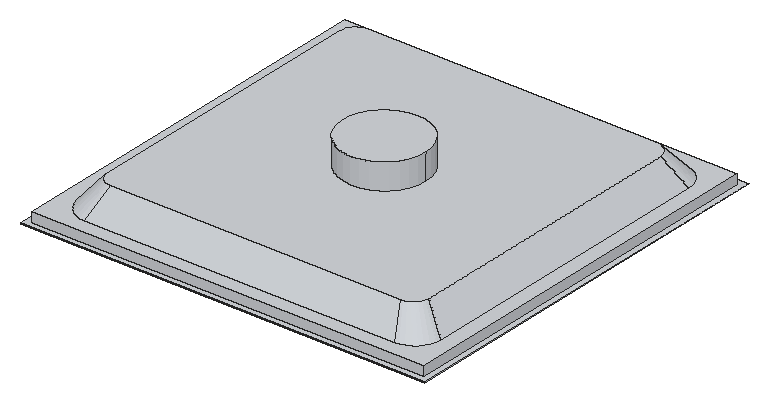
Revit family "PD-LAYIN-ROUND NECK", category Air Terminals, Revit 2018
Family settings
  Round Connector Dimension = Use Diameter
  Part Type = Normal
  OmniClass Number = 23.75.00.00
  OmniClass Title = Climate Control (HVAC)
  Work Plane-Based = No
  Always vertical = Yes
  Cut with Voids When Loaded = No
  Shared = No
  Room Calculation Point = No
Parameters (values of type "PD-L, 05" DIA, STEEL")
  URL = "https://www.anemostat-hvac.com"
  Topdim = 1' - 6 13/16"
  TopRad = 0' - 0 115/128"
  Square Collar = Neck Size - 0' 0 1/4"  # 0' - 4 3/4"
  SecondLevel = 0' - 1 1/2"
  Neck Size = 0' - 5"
  Model = "PD"
  Middim = 1' - 9 7/32"
  Wall23 = 1' - 11"
  Material = STEEL
  Manufacturer = "ANEMOSTAT PRODUCTS"
  FirstLevel = 0' - 0 147/256"
  Description = "Perforated Supply Diffuser; Adjustable Discharge Pattern"
  CollarHi = 0' - 1 1/2"
  Round Collar = Neck Size - 0' 0 1/8"  # 0' - 4 7/8"
  Botdim = 1' - 10 15/32"
  BotRad = 0' - 0 3/8"
  Basethickness = 0' - 0 9/256"
  Basedim = 1' - 11 3/4"
Types (21): name | Square Collar | Neck Size | Material | Round Collar
  (no name) | 0' - 4 3/4" | 0' - 5" | STEEL | 0' - 4 7/8"
  PD-L, 16" DIA, STEEL | 1' - 3 3/4" | 1' - 4" | STEEL | 1' - 3 7/8"
  PD-L, 18" DIA, ALUM | 1' - 5 3/4" | 1' - 6" | Aluminum | 1' - 5 7/8"
  PD-L, 16" DIA, ALUM | 1' - 3 3/4" | 1' - 4" | Aluminum | 1' - 3 7/8"
  PD-L, 14" DIA, ALUM | 1' - 1 3/4" | 1' - 2" | Aluminum | 1' - 1 7/8"
  PD-L, 12" DIA, ALUM | 0' - 11 3/4" | 1' - 0" | Aluminum | 0' - 11 7/8"
  PD-L, 10" DIA, ALUM | 0' - 9 3/4" | 0' - 10" | Aluminum | 0' - 9 7/8"
  PD-L, 09" DIA, ALUM | 0' - 8 3/4" | 0' - 9" | Aluminum | 0' - 8 7/8"
  PD-L, 08" DIA, ALUM | 0' - 7 3/4" | 0' - 8" | Aluminum | 0' - 7 7/8"
  PD-L, 07" DIA, ALUM | 0' - 6 3/4" | 0' - 7" | Aluminum | 0' - 6 7/8"
  PD-L, 06" DIA, ALUM | 0' - 5 3/4" | 0' - 6" | Aluminum | 0' - 5 7/8"
  PD-L, 05" DIA, ALUM | 0' - 4 3/4" | 0' - 5" | Aluminum | 0' - 4 7/8"
  PD-L, 18" DIA, STEEL | 1' - 5 3/4" | 1' - 6" | STEEL | 1' - 5 7/8"
  PD-L, 14" DIA, STEEL | 1' - 1 3/4" | 1' - 2" | STEEL | 1' - 1 7/8"
  PD-L, 12" DIA, STEEL | 0' - 11 3/4" | 1' - 0" | STEEL | 0' - 11 7/8"
  PD-L, 10" DIA, STEEL | 0' - 9 3/4" | 0' - 10" | STEEL | 0' - 9 7/8"
  PD-L, 09" DIA, STEEL | 0' - 8 3/4" | 0' - 9" | STEEL | 0' - 8 7/8"
  PD-L, 08" DIA, STEEL | 0' - 7 3/4" | 0' - 8" | STEEL | 0' - 7 7/8"
  PD-L, 07" DIA, STEEL | 0' - 6 3/4" | 0' - 7" | STEEL | 0' - 6 7/8"
  PD-L, 06" DIA, STEEL | 0' - 5 3/4" | 0' - 6" | STEEL | 0' - 5 7/8"
  PD-L, 05" DIA, STEEL | 0' - 4 3/4" | 0' - 5" | STEEL | 0' - 4 7/8"
Reference planes (in)
  plane 1 "Center (Front/Back)": y = 0
  plane 2: z = 0
  plane 3 "Center (Left/Right)": x = 0
Forms (in)
  Extrusion 1, solid
    sketch origin (0, 0, 0) x (1, 0, 0) y (0, 1, 0)
      loop
        line (-11.875, 11.875) -> (-11.875, -11.875) -> (11.875, -11.875) -> (11.875, 11.875) -> (-11.875, 11.875)
    from 0 to 0.03516 <- "Basethickness"
  Extrusion 2, solid
    sketch origin (0, 0, 0) x (1, 0, 0) y (0, 1, 0)
      loop
        line (-11.5, 11.5) -> (-11.5, -11.5) -> (11.5, -11.5) -> (11.5, 11.5) -> (-11.5, 11.5)
    from 0 to 0.57422 <- "FirstLevel"
  Blend 3, solid
    base sketch origin (0, 0, 0.57422) x (1, 0, 0) y (0, 1, 0)
      loop
        arc (-9.10937, 10.60937) -> (-10.17004, 10.17004) -> (-10.60937, 9.10937) r 1.5
        line (-10.60937, 9.10937) -> (-10.60937, -9.10938)
        arc (-10.60937, -9.10938) -> (-10.17004, -10.17004) -> (-9.10937, -10.60938) r 1.5
        line (-9.10937, -10.60938) -> (9.10938, -10.60938)
        arc (9.10938, -10.60938) -> (10.17004, -10.17004) -> (10.60938, -9.10938) r 1.5
        line (10.60938, -9.10938) -> (10.60938, 9.10937)
        arc (10.60938, 9.10937) -> (10.17004, 10.17004) -> (9.10938, 10.60937) r 1.5
        line (9.10938, 10.60937) -> (-9.10937, 10.60937)
    top sketch origin (0, 0, 0.57422) x (1, 0, 0) y (0, 1, 0)
      loop
        arc (-8.50781, 9.40625) -> (-9.1431, 9.1431) -> (-9.40625, 8.50781) r 0.89844
        line (-9.40625, 8.50781) -> (-9.40625, -8.50781)
        arc (-9.40625, -8.50781) -> (-9.1431, -9.1431) -> (-8.50781, -9.40625) r 0.89844
        line (-8.50781, -9.40625) -> (8.50781, -9.40625)
        arc (8.50781, -9.40625) -> (9.1431, -9.1431) -> (9.40625, -8.50781) r 0.89844
        line (9.40625, -8.50781) -> (9.40625, 8.50781)
        arc (9.40625, 8.50781) -> (9.1431, 9.1431) -> (8.50781, 9.40625) r 0.89844
        line (8.50781, 9.40625) -> (-8.50781, 9.40625)
    from 0 to 1.5 <- "SecondLevel"
  Extrusion 4, solid
    sketch origin (0, 0, 2.07422) x (1, 0, 0) y (0, 1, 0)
      loop
        circle (0, 0) r 2.4375
    from 0 to 1.5 <- "CollarHi"
Dimensions and locks (in)
  equal spacing: Extrusion 1 sketch curve, plane 3 "Center (Left/Right)", Extrusion 1 sketch curve
  equal spacing: Extrusion 1 sketch curve, plane 1 "Center (Front/Back)", Extrusion 1 sketch curve
  "Basedim": Extrusion 1 sketch curve to Extrusion 1 sketch curve  (x2)
  equal spacing: Extrusion 2 sketch curve, plane 3 "Center (Left/Right)", Extrusion 2 sketch curve
  equal spacing: Extrusion 2 sketch curve, plane 1 "Center (Front/Back)", Extrusion 2 sketch curve
  "Wall23": Extrusion 2 sketch curve to Extrusion 2 sketch curve  (x2)
  equal spacing: Blend 3 sketch curve, plane 3 "Center (Left/Right)", Blend 3 sketch curve  (x2)
  equal spacing: Blend 3 sketch curve, plane 1 "Center (Front/Back)", Blend 3 sketch curve  (x2)
  "Middim": Blend 3 sketch curve to Blend 3 sketch curve  (x2)
  "Topdim": Blend 3 sketch curve to Blend 3 sketch curve  (x2)
  "TopRad": radius of Blend 3 sketch curve  (x4)
  "Round Collar": diameter of Extrusion 4 sketch curve
  "CollarHi": radius of Blend 3 sketch curve  (x4)
  aligned and locked: level to plane 2
Automatic sketch dimensions
  Extrusion 4 sketch curve to Blend 3 = 0' - 9 13/32"  (x2)
Connectors (in)
  hvac at (0, 0, 3.57422), driven by "Neck Size"
    settings: on Extrusion 4, index 1, duct flow 0 CFM, flow factor 0, pres drop 0.00 in-wg, loss coef 0, conn angle 0.00°, conn width 12", conn height 12", conn diameter 5", duct sys type 1, conn prof type 0, flow config 0, flow direction 1, loss method 0, conn ref index -1, conn util no, is conn primary yes, conn desc ""
